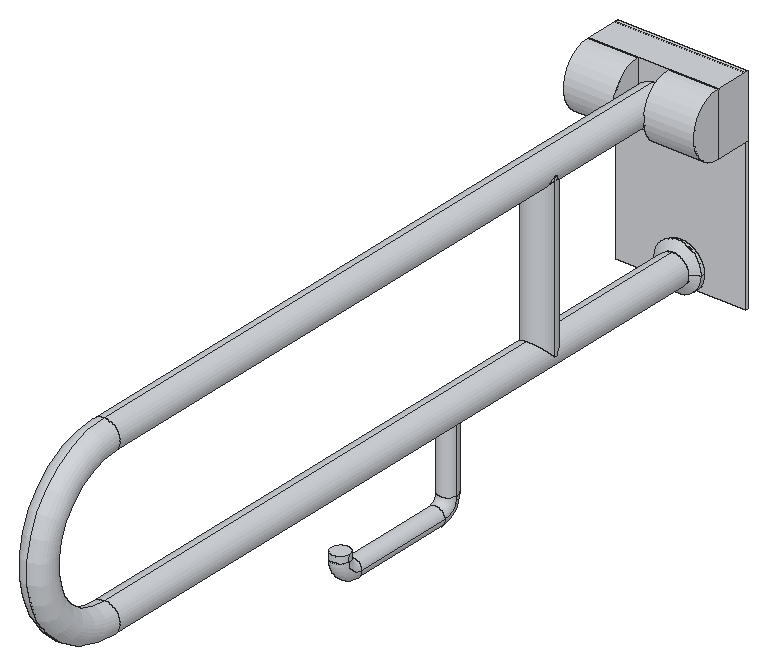
Revit family
Parameters
  Warranty Duration (Years) = 0
  Unit Weight = 9.3
  Unit Length = 2' - 9 1/2"
  URL = "http://www.pontegiulio.com"
  Specification = "http://www.arcat.com/sd/clients/pontegiu.html?coid=43483"
  Send Message = "http://www.arcat.com/users.pl?action=UserEmail&company=Ponte%20Giulio&coid=43483&rep=132&fax=877-766-8306&mf="
  Sales Information = "http://www.pontegiulio.it/us/info.php"
  Revision = "R1_01-2010"
  Product Properties = "http://www.pgdb.it/schede/us/G02JCxxx04_us.pdf"
  Product Data = "http://www.arcat.com/arcatcos/cos43/arc43483.html"
  Model = "Grab Bar as Specified in 10 28 13"
  Manufacturer's Notes = ""
  Manufacturer Website = "http://www.pontegiulio.com"
  Manufacturer Phone - Toll Free = "877-766-8301 "
  Manufacturer Fax = "877-766-8306"
  Manufacturer Address = "W241 S4021 Rockwood Circle, Waukesha, WI 53189"
  Manufacturer = "Ponte Giulio"
  Maintenance Schedule (Months) = 0
  Keynote = "10 28 13"
  Installation-Fabrication = ""
  Installation Phase = ""
  Green Building-LEED = "http://www.arcat.com/green/clients/leed_data_43483.html"
  Expected Lifespan (Years) = 0
  Drawn By = "Robert S. Weygant, CSI, CDT, SCIP"
  Diameter = 0' - 1 1/4"
  Description = "Grab Bar as Specified in 10 28 13"
  Default Elevation = 4' - 0"
  Copyright = "2010 ARCAT, Inc"
  Construction Details = ""
  Building Codes = ""
  Bath Fixture Material [instance] = none
  Assembly Code = "C1030200"
  AK_Include Optional Component - Y88JKSN113 Wall Protection Plate = yes
  AK_Include Optional Component - F17AGNxx03 Roll Paper Holder = yes
  AK_Code Compliance = "ADA"
Reference planes (in)
  plane 1 "Center (Front/Back)": y = 0
  plane 2: z = 0
  plane 3 "Center (Left/Right)": x = 0
  plane 4 "Support Rail": x = 5.5
  plane 5: z = 37.71941
  plane 6 "Mount Line": z = 44.40691
  plane 7: y = -33.5
  plane 8: y = -7.3125
  plane 9: y = -12
  plane 10: z = 45.68816
  plane 11: z = 37.00066
Forms (in)
  Sweep 1, solid, material <- "Bath Fixture Material"
    path origin (0, 0, 36.40691) x (0, 0, 1) y (0, -1, 0)
      loop
        line (1.3125, 0) -> (1.3125, 29.53125)
        arc (1.3125, 29.53125) -> (4.65625, 32.875) -> (8, 29.53125) r 3.34375
        line (8, 29.53125) -> (8, 0)
    profile origin (0, -14.76563, 37.71941) x (0, 0, -1) y (1, 0, 0)
      loop
        circle (0, 0) r 0.625
  Sweep 2, solid, material <- "Bath Fixture Material", visible <- "AK_Include Optional Component - F17AGNxx03 Roll Paper Holder"
    path origin (0, 0, 0) x (0, 1, 0) y (0, 0, 1)
      loop
        line (-12, 37.71941) -> (-12, 34.62566)
        arc (-12, 34.62566) -> (-12.18306, 34.18372) -> (-12.625, 34.00066) r 0.625
        line (-12.625, 34.00066) -> (-16.875, 34.00066)
        arc (-16.875, 34.00066) -> (-17.31694, 34.18372) -> (-17.5, 34.62566) r 0.625
        line (-17.5, 34.62566) -> (-17.5, 34.87566)
    profile origin (0, -12, 36.17254) x (1, 0, 0) y (0, 1, 0)
      loop
        circle (0, 0) r 0.375
  Extrusion 3, solid, material <- "Bath Fixture Material"
    sketch origin (-0.89887, 0, 36.12566) x (0, 0, 1) y (0, -1, 0)
      loop
        line (7, 1.5) -> (7, 0) -> (9.5625, 0) -> (9.5625, 1.5) -> (7, 1.5)
    from -1.75738 to 3.55512
  Revolve 4, solid, material <- "Bath Fixture Material"
    sketch origin (-0.89887, -1.5, 36.12566) x (0, 0, -1) y (1, 0, 0)
      loop
        line (-8.28125, -1.75738) -> (-7, -1.75738) -> (-7, 0.27387) -> (-8.28125, 0.27387) -> (-8.28125, -1.75738)
      loop
        line (-8.28125, 3.55512) -> (-8.28125, 1.52387) -> (-7, 1.52387) -> (-7, 3.55512) -> (-8.28125, 3.55512)
      axis (-8.28125, -1.75738) -> (-8.28125, 3.55512)
    angle from 180 to 360
  Revolve 5, solid, material <- "Bath Fixture Material"
    sketch origin (3.95454, 0, 37.71941) x (0, -1, 0) y (1, 0, 0)
      loop
        line (0, -3.95454) -> (0, -4.92329) -> (0.25, -4.92329) -> (0.5, -4.57954) -> (0.5, -3.95454) -> (0, -3.95454)
      axis (0.5, -3.95454) -> (0, -3.95454)
    angle from 0 to 360
  Extrusion 6, solid, material <- "Bath Fixture Material"
    sketch origin (0, 0, 0) x (1, 0, 0) y (0, 1, 0)
      loop
        circle (0, -7.3125) r 0.625
    from 37.71941 to 44.40691
  Extrusion 7, solid, material <- "Bath Fixture Material", visible <- "AK_Include Optional Component - Y88JKSN113 Wall Protection Plate"
    sketch origin (0, 0, -32.5625) x (1, 0, 0) y (0, 0, 1)
      loop
        line (-2.65625, 78.25066) -> (-2.65625, 69.56316) -> (2.65625, 69.56316) -> (2.65625, 78.25066) -> (-2.65625, 78.25066)
    from 0 to 0.125
Dimensions and locks (in)
  "Diameter": Sweep 1 sketch curve to Sweep 1 sketch curve
  locked: plane 3 "Center (Left/Right)" to plane 4 "Support Rail" at 5.5
  plane 7 to plane 1 "Center (Front/Back)" = 2' - 9 1/2"
  "Unit Length": plane 7 to plane 1 "Center (Front/Back)"
  plane 5 to plane 6 "Mount Line" = 0' - 6 11/16"
  locked: plane 4 "Support Rail" to plane 3 "Center (Left/Right)" at 5.5
  plane 8 to plane 1 "Center (Front/Back)" = 0' - 7 5/16"
  plane 9 to plane 1 "Center (Front/Back)" = 1' - 0"
  Extrusion 3 sketch curve to Extrusion 3 sketch curve = 0' - 2 9/16"  (x2)
  Extrusion 3 to Extrusion 3 = 0' - 5 5/16"
  locked: plane 10 to plane 11 at 8.6875
  aligned and locked: profile plane to Sweep 1 sketch curve
  aligned and locked: plane 5 to Sweep 1 sketch curve
  aligned and locked: plane 6 "Mount Line" to Sweep 1 sketch curve
  aligned and locked: Sweep 1 sketch curve to plane 5
  aligned and locked: plane 1 "Center (Front/Back)" to Sweep 1 sketch curve  (x2)
  aligned and locked: plane 9 to Sweep 2 sketch curve
  aligned and locked: Revolve 4 sketch curve to Extrusion 3  (x3)
  aligned and locked: Extrusion 3 to Revolve 4 sketch curve
  aligned and locked: Revolve 4 sketch curve to plane 6 "Mount Line"
  aligned and locked: plane 6 "Mount Line" to Revolve 4 sketch curve
  aligned and locked: Revolve 5 sketch curve to plane 1 "Center (Front/Back)"
  aligned and locked: plane 3 "Center (Left/Right)" to Revolve 5 sketch curve
  aligned and locked: Extrusion 6 to plane 6 "Mount Line"
  aligned and locked: plane 5 to Extrusion 6
  aligned and locked: plane 10 to Extrusion 7
  aligned and locked: plane 11 to Extrusion 7
  aligned and locked: Extrusion 7 to plane 1 "Center (Front/Back)"
Automatic sketch dimensions
  plane 7 to Sweep 1 sketch curve = 0' - 3 31/32"
  Sweep 1 sketch curve to Sweep 1 sketch curve = 0' - 0"
  Sweep 1 sketch curve to profile plane = 0' - 0"
  Sweep 2 sketch curve to plane 5 = 0' - 0"
  plane 9 to Sweep 2 sketch curve = 0' - 0 5/8"
  Sweep 2 sketch curve to Sweep 2 sketch curve = 0' - 4 1/4"
  Sweep 2 sketch curve to Sweep 2 sketch curve = 0' - 0 5/8"
  plane 5 to Sweep 2 sketch curve = 0' - 2 27/32"
  Sweep 2 sketch curve to Sweep 2 sketch curve = 0' - 0 1/4"
  Sweep 2 sketch curve to plane 3 "Center (Left/Right)" = 0' - 0"
  Sweep 2 sketch curve to profile plane = 0' - 0"
  Extrusion 3 sketch curve to plane 1 "Center (Front/Back)" = 0' - 0"
  plane 6 "Mount Line" to Extrusion 3 sketch curve = 0' - 1 9/32"
  plane 1 "Center (Front/Back)" to Extrusion 3 sketch curve = 0' - 1 1/2"
  Revolve 4 sketch curve to plane 6 "Mount Line" = 0' - 0"
  Revolve 4 sketch curve to Revolve 4 sketch curve = 1' - 6.11853"
  Revolve 4 sketch curve to plane 3 "Center (Left/Right)" = 0' - 0 5/8"
  plane 3 "Center (Left/Right)" to Revolve 4 sketch curve = 0' - 0 5/8"
  plane 4 "Support Rail" to Revolve 4 sketch curve = 1' - 2.42266"
  Revolve 5 sketch curve to plane 3 "Center (Left/Right)" = 0' - 0"
  Revolve 5 sketch curve to Revolve 5 sketch curve = 2' - 0"
  plane 1 "Center (Front/Back)" to Revolve 5 sketch curve = 0' - 0 1/4"
  Revolve 5 sketch curve to Revolve 5 sketch curve = 0' - 0 1/4"
  Revolve 5 sketch curve to plane 7 = 7' - 7.09382"
  Revolve 5 sketch curve to plane 3 "Center (Left/Right)" = 0' - 0 5/8"
  Revolve 5 sketch curve to Revolve 5 sketch curve = 0' - 0 11/32"
  Extrusion 6 sketch curve to plane 3 "Center (Left/Right)" = 0' - 0"
  Extrusion 6 sketch curve to plane 8 = 0' - 0"
  Extrusion 7 sketch curve to plane 3 "Center (Left/Right)" = 0' - 2 21/32"
  plane 3 "Center (Left/Right)" to Extrusion 7 sketch curve = 0' - 2 21/32"
  Extrusion 7 sketch curve to plane 10 = 0' - 8 11/16"
  plane 10 to Extrusion 7 sketch curve = 0' - 0"
  radius of Sweep 2 sketch curve = 0' - 0 3/8"
  radius of Extrusion 6 sketch curve = 0' - 0 5/8"
